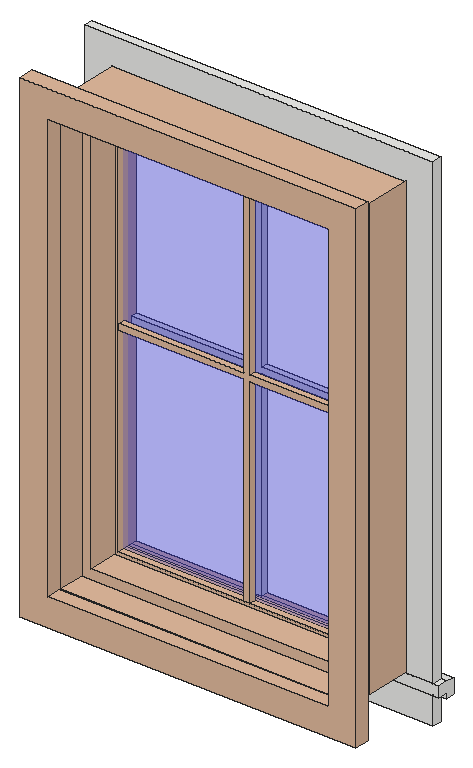
Revit family "ad9d6c7b940b44e28a93a1fdd24eebd4", category Windows, host Wall, Revit 2021
Family settings
  Host = Wall
  OmniClass Number = 23.30.20.17.11
  OmniClass Title = Fixed Windows
  Always vertical = Yes
  Cut with Voids When Loaded = No
  Shared = No
  Room Calculation Point = No
Parameters (values of type "24" x 36"")
  Window Inset [instance] = 0' - 0"
  Wall Thickness [instance] = 0' - 6"
  Visual Light Transmittance = 0.81
  Thermal Resistance (R) = 1.8146 (h·ft²·°F)/BTU
  Solar Heat Gain Coefficient = 0.76
  Rough Width = Width + 0' 0 1/2"  # 2' - 0 1/2"
  Rough Height = Height + 0' 0 1/2"  # 3' - 0 1/2"
  Muntin Visibility = yes
  Muntin Pattern = Muntin Pattern_2x2 : Muntin Pattern_2x2
  Interior Wall Closure [instance] = 0' - 2 1/4"
  Interior Trim Visibility [instance] = yes
  Interior Trim Material = Wood - Stained
  Interior Trim = Trim-Window-Interior-Flat : Picture Frame
  Height = 3' - 0"
  Interior Frame Material = Wood - Stained
  Heat Transfer Coefficient (U) = 0.5511 BTU/(h·ft²·°F)
  Glass Panel Material = Glass
  Frame Extension [instance] = if(Exterior Trim Visibility, Window Inset + 0' 0 1/4", 0' 0 1/4")  # 0' - 0 1/4"
  Fire Rating = "0.5h"
  Exterior Wall Closure [instance] = 0' - 1 1/4"
  Exterior Trim Visibility [instance] = yes
  Exterior Trim Material = Clad - White
  Exterior Trim = Trim-Window-Exterior-Flat : with Sill
  Exterior Frame Material = Clad - White
  Extension Jamb Visibility [instance] = and(Interior Trim Visibility, Wall Thickness - Window Inset > 0' 3 3/4")  # yes
  Extension Jamb [instance] = if(Wall Thickness - Window Inset > 0' 3 3/4", Wall Thickness - Window Inset - 0' 3 3/4", 0' 1")  # 0' - 2 1/4"
  Default Sill Height = 3' - 0"
  Wall Closure = By host
  Width = 2' - 0"
  Assembly Code = "B2020100"
  Analytic Construction = "Double glazing - domestic"
Reference planes (in)
  plane 1 "Center (Front/Back)": y = 0
  plane 2: z = 0
  plane 3 "Center (Left/Right)": x = 0
  plane 4 "Left": x = -12
  plane 5 "Right": x = 12
  plane 6 "Sill": z = 36
  plane 7 "Top": z = 72
  plane 8 "Inset Face": y = 3
  plane 9 "Wall Closure": y = -0.75
  plane 10 "Sash Face": y = 3.5
  plane 11 "Exterior": y = 3
  plane 12: x = 11.5
  plane 13: x = -11.5
  plane 14: z = 71.5
  plane 15: z = 36.5
  plane 16: y = 2.25
  plane 17 "Glass": y = 2.625
  plane 18: y = 3.75
  plane 19: y = 3.75
  plane 20 "Interior": y = -3
  plane 21 "Jamb": y = -0.75
  plane 22 "Middle": z = 54
  plane 23: z = 54
  plane 24: x = 10.75
  plane 25: x = 10.5
  plane 26: x = -10.5
  plane 27: x = 10.5
  plane 28: z = 70.5
  plane 29: z = 37.5
  plane 30: y = -0.75
  plane 31: y = 1.75
  plane 32: y = 3.75
Forms (in)
  Sweep 1, solid, material "Wood - Stained" <- "Interior Frame Material"
    path origin (0, 3.5, 0) x (-1, 0, 0) y (0, 0, 1)
      loop
        line (-12, 36) -> (12, 36) -> (12, 72) -> (-12, 72) -> (-12, 36)
    profile origin (12, 3.5, 54) x (1, 0, 0) y (0, 1, 0)
      loop
        line (0, 0.25) -> (-0.5, 0.25) -> (-0.5, -1.75) -> (-1.25, -1.75) -> (-1.25, -4.25) -> (0, -4.25) -> (0, 0.25)
  Extrusion 2, solid, material "Wood - Stained" <- "Interior Frame Material", visible <- "Extension Jamb Visibility"
    sketch origin (0, 0, 0) x (1, 0, 0) y (0, 0, 1)
      loop
        line (12, 72) -> (-12, 72) -> (-12, 36) -> (12, 36) -> (12, 72)
      loop
        line (11.5, 36.5) -> (11.5, 71.5) -> (-11.5, 71.5) -> (-11.5, 36.5) -> (11.5, 36.5)
    from 0.75 to 3
  Sweep 3, solid, material "Wood - Stained" <- "Interior Frame Material"
    path origin (0, 3.5, 0) x (-1, 0, 0) y (0, 0, 1)
      loop
        line (-11.5, 71.5) -> (-11.5, 36.5) -> (11.5, 36.5) -> (11.5, 71.5) -> (-11.5, 71.5)
    profile origin (11.5, 3.5, 54) x (0, 1, 0) y (-1, 0, 0)
      loop
        line (0, 0) -> (0, 1) -> (-1.75, 1) -> (-1.75, 0) -> (0, 0)
  Extrusion 4, solid, material "Glass" <- "Glass Panel Material"
    sketch origin (0, 0, 36) x (0, -1, 0) y (1, 0, 0)
      loop
        line (-3, -10.5) -> (-2.75, -10.5) -> (-2.75, 10.5) -> (-3, 10.5) -> (-3, -10.5)
      loop
        line (-2.25, 10.5) -> (-2.5, 10.5) -> (-2.5, -10.5) -> (-2.25, -10.5) -> (-2.25, 10.5)
    from 1.5 to 34.5
Lines and regions (in)
  Opening 1
    outline origin (-60, -3, 0) x (1, 0, 0) y (0, 0, 1)
      loop
        line (48, 72) -> (48, 36) -> (72, 36) -> (72, 72) -> (48, 72)
  Split face 1
    outline origin (10.5, 3.5, 37.5) x (-1, 0, 0) y (0, -1, 0)
      loop
        line (21, 0.5) -> (0, 0.5)
  Split face 2
    outline origin (10.5, 3.5, 70.5) x (0, 0, -1) y (0, -1, 0)
      loop
        line (0, 0.5) -> (33, 0.5)
  Split face 3
    outline origin (-10.5, 3.5, 37.5) x (0, 0, 1) y (0, -1, 0)
      loop
        line (33, 0.5) -> (0, 0.5)
  Split face 4
    outline origin (-10.5, 3.5, 70.5) x (0, -1, 0) y (1, 0, 0)
      loop
        line (0.5, 0) -> (0.5, 21)
  Split face 5
    outline origin (11.5, 1.75, 36.5) x (0, 0, 1) y (0, 1, 0)
      loop
        line (35, 1.25) -> (0, 1.25)
  Split face 6
    outline origin (-11.5, 1.75, 36.5) x (1, 0, 0) y (0, 1, 0)
      loop
        line (0, 1.25) -> (23, 1.25)
  Split face 7
    outline origin (-11.5, 1.75, 71.5) x (0, 0, -1) y (0, 1, 0)
      loop
        line (35, 1.75) -> (0, 1.75)
  Split face 8
    outline origin (11.5, 1.75, 71.5) x (0, 1, 0) y (-1, 0, 0)
      loop
        line (1.75, 0) -> (1.75, 23)
Text (in)
  text "EXTERIOR" at (-58.6888, 50.90694, 0), in view "Ref. Level"
  text "INTERIOR" at (-58.6888, -37.76638, 0), in view "Ref. Level"
  text "Exterior" at (0, 43.65631, 123.19604), in view "Left"
  text "Exterior" at (0, 18.29385, 125.04747), in view "Right"
Dimensions and locks (in)
  equal spacing: plane 4 "Left", plane 3 "Center (Left/Right)", plane 5 "Right"
  "Width": plane 4 "Left" to plane 5 "Right"
  "Height": plane 6 "Sill" to plane 7 "Top"
  "Default Sill Height": plane 2 to plane 6 "Sill"
  locked: plane 10 "Sash Face" to plane 8 "Inset Face" at 0.5
  "Wall Thickness": host wall to host wall
  "Window Inset": plane 11 "Exterior" to plane 8 "Inset Face"
  locked: Sweep 1 sketch curve to plane 5 "Right" at 0.5
  locked: plane 12 to plane 5 "Right" at 0.5
  locked: plane 4 "Left" to plane 13 at 0.5
  locked: plane 14 to plane 7 "Top" at 0.5
  locked: plane 6 "Sill" to plane 15 at 0.5
  plane 16 to Sweep 3 = 0' - 0 1/2"
  equal spacing: plane 8 "Inset Face", plane 17 "Glass", plane 16
  locked: plane 8 "Inset Face" to plane 16 at 0.75
  locked: plane 18 to plane 11 "Exterior" at 0.75
  locked: plane 19 to plane 10 "Sash Face" at 0.25
  "Extension Jamb": plane 21 "Jamb" to plane 20 "Interior"
  locked: plane 8 "Inset Face" to plane 9 "Wall Closure" at 3.75
  equal spacing: plane 6 "Sill", plane 23, plane 7 "Top"
  plane 24 to plane 5 "Right" = 0' - 1 1/4"
  plane 25 to plane 12 = 0' - 1"
  locked: plane 4 "Left" to plane 26 at 1.5
  locked: plane 7 "Top" to plane 28 at 1.5
  locked: plane 29 to plane 6 "Sill" at 1.5
  locked: plane 27 to plane 5 "Right" at 1.5
  level to host wall = 23' - 0"
  "Interior Wall Closure": plane 30 to plane 20 "Interior"
  "Exterior Wall Closure": plane 11 "Exterior" to plane 31
  "Frame Extension": plane 32 to plane 10 "Sash Face"
  aligned and locked: plane 7 "Top" to Opening 1 sketch curve
  aligned and locked: plane 6 "Sill" to Opening 1 sketch curve  (x2)
  aligned and locked: plane 5 "Right" to Opening 1 sketch curve
  aligned and locked: plane 4 "Left" to Opening 1 sketch curve
  aligned and locked: level to plane 2
  aligned and locked: host wall to plane 11 "Exterior"
  aligned and locked: plane 5 "Right" to Sweep 1 sketch curve
  aligned and locked: plane 7 "Top" to Sweep 1 sketch curve
  aligned and locked: Sweep 1 sketch curve to plane 4 "Left"
  aligned and locked: Sweep 1 sketch curve to plane 6 "Sill"
  aligned and locked: Extrusion 2 sketch curve to host wall  (x3)
  aligned and locked: plane 7 "Top" to Extrusion 2 sketch curve
  aligned and locked: host wall to Extrusion 2
  aligned and locked: Sweep 3 sketch curve to plane 12  (x2)
  aligned and locked: Sweep 3 sketch curve to plane 15
  aligned and locked: Split face 1 sketch curve to plane 8 "Inset Face"
  aligned and locked: plane 8 "Inset Face" to Split face 2 sketch curve
  aligned and locked: plane 8 "Inset Face" to Split face 3 sketch curve
  aligned and locked: Split face 4 sketch curve to plane 8 "Inset Face"
  aligned and locked: Extrusion 4 sketch curve to plane 8 "Inset Face"
  aligned and locked: Sweep 3 to Extrusion 4 sketch curve
  aligned and locked: Extrusion 4 sketch curve to plane 16
  aligned and locked: Extrusion 4 sketch curve to Sweep 3
  aligned and locked: plane 20 "Interior" to host wall
  aligned and locked: plane 21 "Jamb" to Extrusion 2
  aligned and locked: plane 9 "Wall Closure" to Sweep 1
  aligned and locked: nested 2 to plane 4 "Left"
  aligned and locked: plane 11 "Exterior" to nested 2
  aligned and locked: profile plane to Sweep 3 sketch curve
  aligned and locked: plane 13 to Sweep 3 sketch curve
  aligned and locked: plane 12 to Extrusion 2 sketch curve
  aligned and locked: Extrusion 2 sketch curve to plane 14
  aligned and locked: Extrusion 2 sketch curve to plane 13
  aligned and locked: plane 15 to Extrusion 2 sketch curve
  aligned and locked: plane 23 to plane 22 "Middle"
  aligned and locked: plane 14 to Sweep 3 sketch curve
  aligned and locked: Sweep 1 sketch curve to Sweep 3
  aligned and locked: Sweep 3 sketch curve to plane 25
  aligned and locked: Extrusion 4 sketch curve to plane 25  (x2)
  aligned and locked: Extrusion 4 to Sweep 3  (x2)
  aligned and locked: plane 8 "Inset Face" to Split face 5 sketch curve
  aligned and locked: Split face 6 sketch curve to plane 8 "Inset Face"
  aligned and locked: Split face 7 sketch curve to plane 10 "Sash Face"
  aligned and locked: plane 10 "Sash Face" to Split face 8 sketch curve
  aligned and locked: plane 7 "Top" to nested 2
  aligned and locked: nested 1 to plane 29
  aligned and locked: plane 15 to Extrusion 2
  aligned and locked: Extrusion 2 to plane 14
  aligned and locked: plane 17 "Glass" to nested 1
  aligned and locked: nested 1 to plane 28
  aligned and locked: plane 25 to nested 1
  aligned and locked: plane 26 to nested 1
  aligned and locked: plane 7 "Top" to nested 3
  aligned and locked: nested 3 to plane 3 "Center (Left/Right)"
  aligned and locked: plane 7 "Top" to nested 4
  aligned and locked: plane 3 "Center (Left/Right)" to nested 4
  aligned and locked: plane 32 to Sweep 1 sketch curve
Automatic sketch dimensions
  Sweep 3 sketch curve to plane 10 "Sash Face" = 0' - 1 3/4"
  Split face 1 sketch curve to Sweep 3 = 0' - 0"  (x2)
  Sweep 3 to Split face 2 sketch curve = 0' - 0"
  Split face 2 sketch curve to Sweep 3 = 0' - 0"
  Split face 3 sketch curve to Sweep 3 = 0' - 0"
  Sweep 3 to Split face 3 sketch curve = 0' - 0"
  Split face 4 sketch curve to Sweep 3 = 0' - 0"  (x2)
  plane 17 "Glass" to Extrusion 4 sketch curve = 0' - 0 1/8"
  Extrusion 4 sketch curve to plane 17 "Glass" = 0' - 0 1/8"
  Sweep 1 sketch curve to profile plane = 0' - 0"
  profile plane to Sweep 1 sketch curve = 0' - 1 1/4"
  Sweep 1 sketch curve to plane 10 "Sash Face" = 0' - 4 1/4"
  Split face 5 sketch curve to Sweep 1 = 0' - 0"
  Sweep 1 to Split face 5 sketch curve = 0' - 0"
  Split face 6 sketch curve to Sweep 1 = 0' - 0"  (x2)
  Sweep 1 to Split face 7 sketch curve = 0' - 0"
  Split face 7 sketch curve to Sweep 1 = 0' - 0"
  Split face 8 sketch curve to Sweep 1 = 0' - 0"  (x2)
Nested families (in)
  nested 1: "Muntin Pattern_2x2" at (0, 2.625, 37.5) x (-1, 0, 0) z (0, 0, 1), type <- "Muntin Pattern", Exterior Material <- "Exterior Frame Material", Interior Material <- "Interior Frame Material", visible <- "Muntin Visibility", type "Muntin Pattern_2x2"
    with Width 1' - 9", Interior Material Wood - Stained, Height 2' - 9", Exterior Material Clad - White
  nested 2: "Plan-Fixed" at (0, 3, 36) x (-1, 0, 0) z (0, 0, 1), Width <- "Width", Wall Thickness <- "Wall Thickness", Height <- "Height", Window Inset <- "Window Inset", type "Plan-Fixed"
    with Window Inset of 3D 0' - 0", Window Inset 0' - 0", Width 2' - 0", Wall Thickness 0' - 6", Height 3' - 0"
  nested 3: "Trim-Window-Exterior-Flat" at (0, 3, 72) x (-1, 0, 0) z (0, 1, 0), visible <- "Exterior Trim Visibility", Trim Material <- "Exterior Trim Material", Opening Width <- "Width", Opening Height <- "Height", type <- "Exterior Trim", type "with Sill"
    with Trim Material Clad - White, Opening Width 2' - 0", Opening Height 3' - 0"
  nested 4: "Trim-Window-Interior-Flat" at (0, -3, 72) x (1, 0, 0) z (0, -1, 0), visible <- "Interior Trim Visibility", Trim Material <- "Interior Trim Material", Opening Width <- "Width", Opening Height <- "Height", type <- "Interior Trim", type "Picture Frame"
    with Trim Material Wood - Stained, Opening Width 2' - 0", Opening Height 3' - 0"
Definition of nested family "Muntin Pattern_2x2"
  Parameters (values of type "Muntin Pattern_2x2")
    Width [instance] = 4' - 0"
    Thickness = 0' - 0 1/2"
    Height [instance] = 4' - 0"
    Interior Material [instance] = none
    Exterior Material [instance] = none
    Distance = 0' - 0 3/4"
    Default Elevation = 0' - 0"
  Reference planes (in)
    plane 1 "Center (Front/Back)": y = 0
    plane 2: z = 0
    plane 3 "Center (Left/Right)": x = 0
    plane 4: z = 48
    plane 5: x = -24
    plane 6: x = 24
    plane 7: z = 24
    plane 8: y = 0.375
    plane 9: y = 0.875
    plane 10: y = -0.375
    plane 11: y = -0.875
  Forms (in)
    Extrusion 1, solid, material <- "Interior Material", detail levels fine
      sketch origin (0, 0, 0) x (1, 0, 0) y (0, 0, 1)
        loop
          line (-24, 24.25) -> (-24, 23.75) -> (-0.25, 23.75) -> (-0.25, 0) -> (0.25, 0) -> (0.25, 23.75) -> (24, 23.75) -> (24, 24.25) -> (0.25, 24.25) -> (0.25, 48) -> (-0.25, 48) -> (-0.25, 24.25) -> (-24, 24.25)
      from 0.375 to 0.875
    Extrusion 2, solid, material <- "Exterior Material", detail levels fine
      sketch origin (0, 0, 0) x (1, 0, 0) y (0, 0, -1)
        loop
          line (-24, -24.25) -> (-0.25, -24.25) -> (-0.25, -48) -> (0.25, -48) -> (0.25, -24.25) -> (24, -24.25) -> (24, -23.75) -> (0.25, -23.75) -> (0.25, 0) -> (-0.25, 0) -> (-0.25, -23.75) -> (-24, -23.75) -> (-24, -24.25)
      from 0.375 to 0.875
  Lines and regions (in)
    model lines, detail levels medium
      curve 1: line (0, 0.375, 48) -> (0, 0.375, 0)
      curve 2: line (-24, -0.375, 24) -> (24, -0.375, 24)
      curve 3: line (-24, 0.375, 24) -> (24, 0.375, 24)
      curve 4: line (0, -0.375, 48) -> (0, -0.375, 0)
  Dimensions and locks (in)
    equal spacing: plane 6, plane 3 "Center (Left/Right)", plane 5
    "Width": plane 6 to plane 5
    "Height": plane 4 to plane 2
    equal spacing: plane 4, plane 7, plane 2
    locked: plane 3 "Center (Left/Right)" to Extrusion 1 sketch curve at 0.25  (x4)
    locked: Extrusion 1 sketch curve to plane 7 at 0.25  (x2)
    locked: plane 7 to Extrusion 1 sketch curve at 0.25  (x2)
    "Thickness": plane 9 to plane 8
    "Thickness": plane 10 to plane 11
    "Distance": plane 8 to plane 10
    equal spacing: plane 8, plane 1 "Center (Front/Back)", plane 10
    aligned and locked: plane 2 to level
    aligned and locked: plane 4 to curve 1
    aligned and locked: plane 5 to curve 2
    aligned and locked: plane 2 to curve 1
    aligned and locked: plane 6 to curve 2
    aligned and locked: Extrusion 1 sketch curve to plane 4
    aligned and locked: Extrusion 1 sketch curve to plane 6
    aligned and locked: Extrusion 1 sketch curve to plane 5
    aligned and locked: Extrusion 1 sketch curve to level
    aligned and locked: Extrusion 1 to plane 11
    aligned and locked: plane 10 to Extrusion 1
    aligned and locked: Extrusion 2 to plane 5
    aligned and locked: plane 6 to Extrusion 2
    aligned and locked: Extrusion 2 to plane 8
    aligned and locked: plane 9 to Extrusion 2
    aligned and locked: Extrusion 2 to plane 2
    aligned and locked: plane 4 to Extrusion 2
    aligned and locked: plane 5 to curve 3
    aligned and locked: plane 6 to curve 3
    aligned and locked: plane 4 to curve 4
    aligned and locked: plane 2 to curve 4
    aligned and locked: plane 8 to curve 3
  Automatic sketch dimensions
    curve 2 to plane 7 = 0' - 0"
    Extrusion 2 sketch curve to plane 5 = 0' - 0"
    Extrusion 2 sketch curve to level = 0' - 0"
    Extrusion 2 sketch curve to plane 4 = 0' - 0"
    Extrusion 2 sketch curve to plane 6 = 0' - 0"
    Extrusion 2 sketch curve to plane 3 "Center (Left/Right)" = 0' - 0 1/4"  (x2)
    plane 3 "Center (Left/Right)" to Extrusion 2 sketch curve = 0' - 0 1/4"  (x2)
    plane 7 to Extrusion 2 sketch curve = 0' - 0 1/4"  (x2)
    Extrusion 2 sketch curve to plane 7 = 0' - 0 1/4"  (x2)
    curve 4 to plane 3 "Center (Left/Right)" = 0' - 0"
    curve 4 to level = 0' - 0"
    curve 4 to plane 4 = 0' - 0"
    curve 3 to plane 6 = 0' - 0"
    curve 1 to plane 3 "Center (Left/Right)" = 0' - 0"
    curve 3 to plane 5 = 0' - 0"
    curve 3 to plane 7 = 0' - 0"
Definition of nested family "Trim-Window-Exterior-Flat"
  Parameters (values of type "with Sill")
    Trim Width = 0' - 2 1/4"
    Trim Thickness_Picture Frame = 0' - 1 1/4"
    Trim Thickness_with Sill = 0' - 0 3/4"
    Trim Material [instance] = none
    Sill Thickness = 0' - 1 1/4"
    Sill = yes
    Picture Frame = no
    Opening Width [instance] = 2' - 0"
    Opening Height [instance] = 3' - 0"
    Default Elevation = 4' - 0"
  Types (2): name | Sill | Picture Frame
    with Sill | yes | no
    Picture Frame | no | yes
  Reference planes (in)
    plane 1 "Center (Front/Back)": y = 0
    plane 2: z = 0
    plane 3 "Center (Left/Right)": x = 0
    plane 4: y = 2.25
    plane 5 "Left": x = -12
    plane 6 "Right": x = 12
    plane 7 "Bottom": y = -36
    plane 8: y = -37.25
    plane 9: y = -39.12332
    plane 10: x = 14.25
    plane 11: x = -14.25
    plane 12: z = 0.75
    plane 13: z = 1.25
    plane 14: x = 14.75
    plane 15: x = -14.75
    plane 16: y = -36.87332
    plane 17: y = -38.25
    plane 18: z = 0.5
    plane 19: y = -18
    plane 20: z = 1.5
  Forms (in)
    Extrusion 1, solid
      sketch origin (0, 0, 0) x (1, 0, 0) y (0, 1, 0)
        loop
          line (-14.25, 2.25) -> (-14.25, -39.12332) -> (14.25, -39.12332) -> (14.25, 2.25) -> (-14.25, 2.25)
      from 0 to -12
    Extrusion 2, solid, material <- "Trim Material", visible <- "Sill"
      sketch origin (0, 0, 0) x (1, 0, 0) y (0, 1, 0)
        loop
          line (-14.25, -36) -> (-12, -36) -> (-12, 0) -> (12, 0) -> (12, -36) -> (14.25, -36) -> (14.25, 2.25) -> (-14.25, 2.25) -> (-14.25, -36)
      from 0 to 0.75
    Extrusion 3, solid, material <- "Trim Material", visible <- "Sill"
      sketch origin (0, 0, 0) x (0, 1, 0) y (0, 0, 1)
        loop
          line (-36.09677, 1.5) -> (-37.25, 1.5) -> (-37.25, 0.75) -> (-36.87332, 0.75) -> (-36.87332, 0) -> (-36, 0) -> (-36, 0.75) -> (-36.09677, 1.5)
      from -14.75 to 14.75
    Extrusion 4, solid, material <- "Trim Material", visible <- "Sill"
      sketch origin (0, 0, 0) x (1, 0, 0) y (0, 1, 0)
        loop
          line (-14.25, -36.87332) -> (-14.25, -39.12332) -> (14.25, -39.12332) -> (14.25, -36.87332) -> (-14.25, -36.87332)
      from 0 to 0.75
    Extrusion 5, solid, material <- "Trim Material", visible <- "Picture Frame"
      sketch origin (0, 0, 0) x (1, 0, 0) y (0, 1, 0)
        loop
          line (-12, 0) -> (-12, -36) -> (12, -36) -> (12, 0) -> (-12, 0)
        loop
          line (-14.25, 2.25) -> (-14.25, -38.25) -> (14.25, -38.25) -> (14.25, 2.25) -> (-14.25, 2.25)
      from 0 to 1.25
  Dimensions and locks (in)
    equal spacing: plane 5 "Left", plane 3 "Center (Left/Right)", plane 6 "Right"
    "Opening Width": plane 5 "Left" to plane 6 "Right"
    "Opening Height": plane 7 "Bottom" to plane 1 "Center (Front/Back)"
    "Sill Thickness": plane 7 "Bottom" to plane 8
    "Trim Width": plane 11 to plane 5 "Left"
    "Trim Width": plane 6 "Right" to plane 10
    "Trim Width": plane 1 "Center (Front/Back)" to plane 4
    locked: plane 15 to plane 11 at 0.5
    locked: plane 10 to plane 14 at 0.5
    locked: plane 16 to plane 8 at 0.37668
    "Trim Width": plane 9 to plane 16
    "Trim Width": plane 17 to plane 7 "Bottom"
    locked: plane 18 to plane 2 at 0.5
    equal spacing: plane 7 "Bottom", plane 19, plane 1 "Center (Front/Back)"
    locked: plane 20 to plane 12 at 0.75
    "Trim Thickness_with Sill": plane 12 to plane 2
    "Trim Thickness_Picture Frame": plane 13 to plane 2
    aligned and locked: plane 2 to Extrusion 1
    aligned and locked: level to Extrusion 1
    aligned and locked: Extrusion 2 sketch curve to plane 5 "Left"
    aligned and locked: Extrusion 2 sketch curve to plane 11
    aligned and locked: plane 7 "Bottom" to Extrusion 2 sketch curve  (x2)
    aligned and locked: plane 1 "Center (Front/Back)" to Extrusion 2 sketch curve
    aligned and locked: plane 10 to Extrusion 2 sketch curve
    aligned and locked: Extrusion 2 sketch curve to plane 6 "Right"
    aligned and locked: plane 12 to Extrusion 2
    aligned and locked: Extrusion 3 sketch curve to level
    aligned and locked: plane 7 "Bottom" to Extrusion 3 sketch curve
    aligned and locked: Extrusion 3 sketch curve to plane 8
    aligned and locked: plane 15 to Extrusion 3
    aligned and locked: Extrusion 3 to plane 14
    aligned and locked: plane 10 to Extrusion 4 sketch curve
    aligned and locked: Extrusion 4 sketch curve to plane 11
    aligned and locked: plane 16 to Extrusion 4 sketch curve
    aligned and locked: plane 9 to Extrusion 4 sketch curve
    aligned and locked: Extrusion 4 to Extrusion 2
    aligned and locked: Extrusion 2 sketch curve to plane 4
    aligned and locked: plane 1 "Center (Front/Back)" to Extrusion 5 sketch curve
    aligned and locked: Extrusion 5 sketch curve to plane 4
    aligned and locked: Extrusion 5 sketch curve to plane 17
    aligned and locked: plane 7 "Bottom" to Extrusion 5 sketch curve
    aligned and locked: Extrusion 5 sketch curve to plane 6 "Right"
    aligned and locked: plane 10 to Extrusion 5 sketch curve
    aligned and locked: Extrusion 5 sketch curve to plane 5 "Left"
    aligned and locked: Extrusion 5 sketch curve to plane 11
    aligned and locked: plane 13 to Extrusion 5
    aligned and locked: plane 20 to Extrusion 3
  Automatic sketch dimensions
    Extrusion 1 sketch curve to Extrusion 1 sketch curve = 2' - 4 1/2"
    Extrusion 1 sketch curve to Extrusion 1 sketch curve = 3' - 5.37332"
    Extrusion 3 sketch curve to plane 16 = 0' - 0"
    Extrusion 3 sketch curve to plane 12 = 0' - 0"  (x2)
    Extrusion 3 sketch curve to plane 7 "Bottom" = 0' - 0.09677"
    plane 13 to Extrusion 3 sketch curve = 0' - 0 1/4"
Definition of nested family "Trim-Window-Interior-Flat"
  Parameters (values of type "with Sill")
    Trim Thickness_Picture Frame = 0' - 1 1/4"
    Trim Width = 0' - 2 1/4"
    Trim Thickness_with Sill = 0' - 0 3/4"
    Trim Material [instance] = none
    Sill Thickness = 0' - 1 1/4"
    Sill = yes
    Picture Frame = no
    Opening Width [instance] = 2' - 0"
    Opening Height [instance] = 3' - 0"
    Default Elevation = 4' - 0"
  Types (2): name | Sill | Picture Frame
    with Sill | yes | no
    Picture Frame | no | yes
  Reference planes (in)
    plane 1 "Center (Front/Back)": y = 0
    plane 2: z = 0
    plane 3 "Center (Left/Right)": x = 0
    plane 4: y = 1.75
    plane 5 "Left": x = -12
    plane 6 "Right": x = 12
    plane 7 "Bottom": y = -36
    plane 8: y = -37.25
    plane 9: y = -39.12332
    plane 10: x = 13.75
    plane 11: x = -13.75
    plane 12: z = 0.75
    plane 13: z = 1.25
    plane 14: x = 14.25
    plane 15: x = -14.25
    plane 16: y = -36.87332
    plane 17: y = -37.75
    plane 18: z = 0.5
    plane 19: x = -11.5
    plane 20: y = -0.5
    plane 21: x = 11.5
    plane 22: y = -35.5
    plane 23: x = -13.25
    plane 24: x = 13.25
    plane 25: y = -18
  Forms (in)
    Extrusion 1, solid
      sketch origin (0, 0, 0) x (1, 0, 0) y (0, 1, 0)
        loop
          line (-13.75, 1.75) -> (-13.75, -37.75) -> (13.75, -37.75) -> (13.75, 1.75) -> (-13.75, 1.75)
      from 0 to -12
    Extrusion 2, solid, material <- "Trim Material", visible <- "Sill"
      sketch origin (0, 0, 0) x (1, 0, 0) y (0, 1, 0)
        loop
          line (-13.25, -36) -> (-11.5, -36) -> (-11.5, 0) -> (11.5, 0) -> (11.5, -36) -> (13.25, -36) -> (13.25, 1.75) -> (-13.25, 1.75) -> (-13.25, -36)
      from 0 to 0.75
    Extrusion 3, solid, material <- "Trim Material", visible <- "Sill"
      sketch origin (0, 0, 0) x (0, 1, 0) y (0, 0, 1)
        loop
          line (-36.5, 1.5) -> (-36.87332, 1.5) -> (-36.87332, 0) -> (-36, 0) -> (-36, 1)
          arc (-36, 1) -> (-36.14645, 1.35355) -> (-36.5, 1.5) r 0.5
      from -13.75 to 13.75
    Extrusion 4, solid, material <- "Trim Material", visible <- "Sill"
      sketch origin (0, 0, 0) x (1, 0, 0) y (0, 1, 0)
        loop
          line (-13.25, -36.87332) -> (-13.25, -39.12332) -> (13.25, -39.12332) -> (13.25, -36.87332) -> (-13.25, -36.87332)
      from 0 to 0.75
    Extrusion 5, solid, material <- "Trim Material", visible <- "Picture Frame"
      sketch origin (0, 0, 0) x (1, 0, 0) y (0, 1, 0)
        loop
          line (-11.5, -0.5) -> (-11.5, -35.5) -> (11.5, -35.5) -> (11.5, -0.5) -> (-11.5, -0.5)
        loop
          line (-13.75, 1.75) -> (-13.75, -37.75) -> (13.75, -37.75) -> (13.75, 1.75) -> (-13.75, 1.75)
      from 0 to 1.25
  Dimensions and locks (in)
    equal spacing: plane 5 "Left", plane 3 "Center (Left/Right)", plane 6 "Right"
    "Opening Width": plane 5 "Left" to plane 6 "Right"
    "Opening Height": plane 7 "Bottom" to plane 1 "Center (Front/Back)"
    "Sill Thickness": plane 7 "Bottom" to plane 8
    "Trim Width": plane 11 to plane 19
    "Trim Width": plane 21 to plane 10
    "Trim Width": plane 20 to plane 4
    "Trim Thickness_with Sill": plane 12 to plane 2
    locked: plane 15 to plane 11 at 0.5
    locked: plane 10 to plane 14 at 0.5
    locked: plane 16 to plane 8 at 0.37668
    "Trim Width": plane 9 to plane 16
    "Trim Width": plane 17 to plane 22
    plane 20 to plane 1 "Center (Front/Back)" = 0' - 0 1/2"
    plane 5 "Left" to plane 19 = 0' - 0 1/2"
    plane 21 to plane 6 "Right" = 0' - 0 1/2"
    plane 22 to plane 7 "Bottom" = 0' - 0 1/2"
    locked: plane 11 to plane 23 at 0.5
    locked: plane 24 to plane 10 at 0.5
    equal spacing: plane 7 "Bottom", plane 25, plane 1 "Center (Front/Back)"
    "Trim Thickness_Picture Frame": plane 13 to plane 2
    locked: Extrusion 3 to plane 12 at 0.75
    locked: plane 12 to Extrusion 3 sketch curve at 0.75
    radius of Extrusion 3 sketch curve = 0' - 0 1/2"
    aligned and locked: plane 2 to Extrusion 1
    aligned and locked: level to Extrusion 1
    aligned and locked: plane 7 "Bottom" to Extrusion 2 sketch curve  (x2)
    aligned and locked: plane 1 "Center (Front/Back)" to Extrusion 2 sketch curve
    aligned and locked: plane 12 to Extrusion 2
    aligned and locked: Extrusion 3 sketch curve to level
    aligned and locked: plane 7 "Bottom" to Extrusion 3 sketch curve
    aligned and locked: plane 16 to Extrusion 4 sketch curve
    aligned and locked: plane 9 to Extrusion 4 sketch curve
    aligned and locked: Extrusion 2 sketch curve to plane 4
    aligned and locked: Extrusion 5 sketch curve to plane 4
    aligned and locked: Extrusion 5 sketch curve to plane 17
    aligned and locked: plane 10 to Extrusion 5 sketch curve
    aligned and locked: Extrusion 5 sketch curve to plane 11
    aligned and locked: plane 13 to Extrusion 5
    aligned and locked: Extrusion 5 sketch curve to plane 20
    aligned and locked: Extrusion 5 sketch curve to plane 19
    aligned and locked: Extrusion 5 sketch curve to plane 21
    aligned and locked: plane 22 to Extrusion 5 sketch curve
    aligned and locked: Extrusion 4 to plane 24
    aligned and locked: plane 11 to Extrusion 3
    aligned and locked: Extrusion 3 to plane 10
    aligned and locked: Extrusion 2 sketch curve to plane 21
    aligned and locked: Extrusion 2 sketch curve to plane 24
    aligned and locked: Extrusion 2 sketch curve to plane 19
    aligned and locked: Extrusion 2 sketch curve to plane 23
    aligned and locked: plane 12 to Extrusion 4
  Automatic sketch dimensions
    Extrusion 1 sketch curve to Extrusion 1 sketch curve = 2' - 3 1/2"
    Extrusion 1 sketch curve to Extrusion 1 sketch curve = 3' - 3 1/2"
    Extrusion 3 sketch curve to plane 16 = 0' - 0"
    Extrusion 4 sketch curve to plane 11 = 0' - 0 1/2"
    Extrusion 4 sketch curve to plane 24 = 0' - 0"
Definition of nested family "Plan-Fixed"
  Parameters (values of type "Plan-Fixed")
    Window Inset [instance] = 0' - 1"
    Window Inset of 3D [instance] = if(Window Inset - 0' 0 1/2" < 0' 0", 0' 0", if(Window Inset - 0' 0 1/2" < Wall Thickness - 0' 3 1/2", Window Inset - 0' 0 1/2", Wall Thickness - 0' 3 1/2"))  # 0' - 0 1/2"
    Width [instance] = 4' - 0"
    Wall Thickness [instance] = 0' - 6"
    Height [instance] = 3' - 0"
    Default Elevation = 4' - 0"
    Analytic Construction = "<None>"
  Reference planes (in)
    plane 1 "Center (Front/Back)": y = 0
    plane 2: z = 0
    plane 3 "Center (Left/Right)": x = 0
    plane 4: x = -24
    plane 5: x = 24
    plane 6 "Jamb": y = -4
    plane 7: x = -23.5
    plane 8: x = -22.75
    plane 9: y = -0.5
    plane 10: y = -2.25
    plane 11: y = -1.375
    plane 12: x = -22.5
    plane 13: x = 23.5
    plane 14: x = 22.75
    plane 15: x = 22.5
    plane 16 "Window Inset": y = -1
    plane 17 "Wall": y = -6
    plane 18: z = 36
    plane 19: z = 35.5
    plane 20: z = 0.5
    plane 21: z = 34.75
    plane 22: z = 1.25
    plane 23: z = 34.5
    plane 24: z = 1.5
  Lines and regions (in)
    Masking region 1
      outline origin (0, 0.75, 0) x (1, 0, 0) y (0, 1, 0)
        loop
          line (-24, -6.75) -> (24, -6.75) -> (24, -0.75) -> (-24, -0.75) -> (-24, -6.75)
    Masking region 2
      outline origin (0, 0, 0) x (0, 1, 0) y (0, 0, 1)
        loop
          line (-6, 36) -> (-6, 0) -> (0, 0) -> (0, 36) -> (-6, 36)
    symbolic lines
      curve 1: line (-23.5, -2.25, 0) -> (-22.75, -2.25, 0)
      curve 2: line (-22.75, -2.25, 0) -> (-22.75, -4, 0)
      curve 3: line (-23.5, -0.5, 0) -> (-23.5, -2.25, 0)
      curve 4: line (-24, -0.5, 0) -> (-22.5, -0.5, 0)
      curve 5: line (-22.5, -0.5, 0) -> (-22.5, -2.25, 0)
      curve 6: line (-22.5, -2.25, 0) -> (-22.75, -2.25, 0)
      curve 7: line (-22.5, -1.375, 0) -> (22.5, -1.375, 0)
      curve 8: line (23.5, -2.25, 0) -> (22.75, -2.25, 0)
      curve 9: line (22.75, -2.25, 0) -> (22.75, -4, 0)
      curve 10: line (23.5, -0.5, 0) -> (23.5, -2.25, 0)
      curve 11: line (22.5, -0.5, 0) -> (22.5, -2.25, 0)
      curve 12: line (22.5, -2.25, 0) -> (22.75, -2.25, 0)
      curve 13: line (-24, -4, 0) -> (-22.75, -4, 0)
      curve 14: line (22.75, -4, 0) -> (24, -4, 0)
      curve 15: line (0, -0.5, 35.5) -> (0, -2.25, 35.5)
      curve 16: line (0, -2.25, 34.75) -> (0, -4, 34.75)
      curve 17: line (0, -4, 0) -> (0, -4, 1.25)
      curve 18: line (0, -0.5, 0.5) -> (0, -2.25, 0.5)
      curve 19: line (0, -2.25, 0.5) -> (0, -2.25, 1.5)
      curve 20: line (0, -2.25, 1.25) -> (0, -4, 1.25)
      curve 21: line (0, -0.5, 36) -> (0, -0.5, 34.5)
      curve 22: line (0, -0.5, 34.5) -> (0, -2.25, 34.5)
      curve 23: line (0, -2.25, 1.5) -> (0, -0.5, 1.5)
      curve 24: line (0, -1.375, 1.5) -> (0, -1.375, 34.5)
      curve 25: line (0, -2.25, 35.5) -> (0, -2.25, 34.5)
      curve 26: line (22.5, -0.5, 0) -> (24, -0.5, 0)
      curve 27: line (0, -4, 34.75) -> (0, -4, 36)
      curve 28: line (0, -0.5, 1.5) -> (0, -0.5, 0)
      curve 29: line (-22.5, -0.5, 0) -> (22.5, -0.5, 0)
      curve 30: line (22.75, -4, 0) -> (-22.75, -4, 0)
      curve 31: line (0, -0.5, 34.5) -> (0, -0.5, 1.5)
      curve 32: line (0, -4, 1.25) -> (0, -4, 34.75)
  Dimensions and locks (in)
    "Width": plane 4 to plane 5
    equal spacing: plane 4, plane 3 "Center (Left/Right)", plane 5
    plane 4 to plane 7 to plane 8 = 0' - 0 1/2" locked, 0' - 0 3/4" locked
    equal spacing: plane 9, plane 11, plane 10
    plane 5 to plane 13 to plane 14 = 0' - 0 1/2" locked, 0' - 0 3/4" locked
    locked: plane 9 to plane 16 "Window Inset" at 0.5
    locked: plane 9 to plane 10 at 1.75
    "Wall Thickness": plane 17 "Wall" to plane 1 "Center (Front/Back)"
    "Height": plane 18 to plane 2
    locked: plane 18 to plane 19 at 0.5
    locked: plane 20 to plane 2 at 0.5
    locked: plane 19 to plane 21 at 0.75
    locked: plane 22 to plane 20 at 0.75
    locked: plane 10 to plane 6 "Jamb" at 1.75
    "Window Inset of 3D": plane 9 to plane 1 "Center (Front/Back)"
    locked: plane 7 to plane 12 at 1
    locked: plane 15 to plane 13 at 1
    locked: plane 19 to plane 23 at 1
    locked: plane 24 to plane 20 at 1
    aligned and locked: plane 2 to level
    aligned and locked: curve 2 to plane 8
    aligned and locked: curve 1 to plane 10
    aligned and locked: plane 4 to Masking region 1 sketch curve
    aligned and locked: Masking region 1 sketch curve to plane 5
    aligned and locked: plane 14 to curve 9
    aligned and locked: Masking region 1 sketch curve to plane 17 "Wall"
    aligned and locked: curve 13 to plane 6 "Jamb"
    aligned and locked: curve 14 to plane 6 "Jamb"
    aligned and locked: plane 1 "Center (Front/Back)" to Masking region 1 sketch curve
    aligned and locked: Masking region 2 sketch curve to plane 18
    aligned and locked: plane 17 "Wall" to Masking region 2 sketch curve
    aligned and locked: level to Masking region 2 sketch curve
    aligned and locked: plane 6 "Jamb" to curve 17
    aligned and locked: plane 21 to curve 16
    aligned and locked: plane 19 to curve 15
    aligned and locked: plane 22 to curve 20
    aligned and locked: plane 10 to curve 19  (x2)
    aligned and locked: plane 20 to curve 18
    aligned and locked: curve 21 to plane 9
    aligned and locked: plane 23 to curve 22
    aligned and locked: curve 23 to plane 24
    aligned and locked: plane 11 to curve 24
    aligned and locked: plane 4 to curve 4
    aligned and locked: plane 5 to curve 26
    aligned and locked: plane 18 to curve 21
    aligned and locked: plane 9 to curve 15
    aligned and locked: plane 9 to curve 18
    aligned and locked: plane 2 to curve 28
    aligned and locked: plane 9 to curve 3
    aligned and locked: plane 9 to curve 10
    aligned and locked: curve 25 to plane 10
    aligned and locked: plane 19 to curve 25
    aligned and locked: plane 23 to curve 25
    aligned and locked: plane 2 to curve 17
    aligned and locked: curve 26 to plane 9
    aligned and locked: curve 4 to plane 9
    aligned and locked: curve 5 to plane 12
    aligned and locked: plane 15 to curve 11
    aligned and locked: curve 7 to plane 11
    aligned and locked: curve 12 to plane 10
    aligned and locked: plane 10 to curve 8
    aligned and locked: plane 6 "Jamb" to curve 27
  Automatic sketch dimensions
    Masking region 2 sketch curve to plane 1 "Center (Front/Back)" = 0' - 0"
    curve 13 to plane 4 = 0' - 0"
    curve 3 to plane 7 = 0' - 0"
    curve 10 to plane 13 = 0' - 0"
    curve 14 to plane 5 = 0' - 0"
    curve 18 to plane 20 = 0' - 0"
    curve 27 to plane 18 = 0' - 0"
